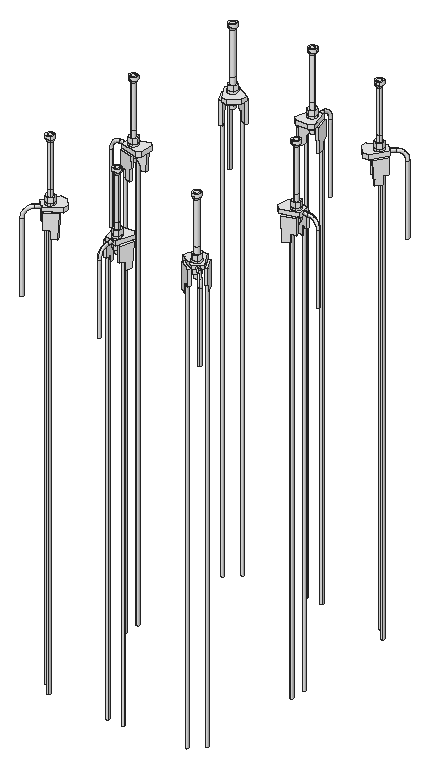
Revit family "18738fcd283c4e60b54079e985289fea", category Structural Connections, host Face, Revit 2021
Family settings
  Host = Face
  Material for Model Behavior = Other
  Enable cutting in views = No
  Cut with Voids When Loaded = No
  Shared = Yes
Parameters (values of type "HCC 16-640H")
  l = 0' - 11.81102"
  h [instance] = 2' - 7.49606"
  f = 0' - 4.13386"
  a = 0' - 1.9685"
  X = 0' - 1.1811"
  Type Comments = "Mountingpart"
  T = 0' - 0.59055"
  Phi = 0' - 1.06299"
  L [instance] = 4' - 11.05512"
  K = 0' - 4.40945"
  E = 0' - 1.9685"
  Default Elevation = 0' - 0"
  b [instance] = 1' - 7.68504"
  D = 0' - 5.35433"
  Column Shoe Type = Column Shoe and Anchor Bolt : HCC 16-640H
  Column Shoe Material [instance] = Metal - Steel - S235
  C = 0' - 3.46457"
Types (10): name | l | h | f | T | Phi | K | b | D | Column Shoe Type | C
  HCC 16-640H | 0' - 11.81102" | 2' - 7.49606" | 0' - 4.13386" | 0' - 0.59055" | 0' - 1.06299" | 0' - 4.40945" | 1' - 7.68504" | 0' - 5.35433" | Column Shoe and Anchor Bolt : HCC 16-640H | 0' - 3.46457"
  HCC M30-1200S | 3' - 5.33858" | 3' - 11.24409" | 0' - 6.49606" | 0' - 1.77165" | 0' - 1.77165" | 0' - 6.81102" | 2' - 3.55906" | 0' - 8.66142" | Column Shoe and Anchor Bolt : HCC M30-1200S | 0' - 5.27559"
  HCC M30-1200H | 3' - 5.33858" | 3' - 11.24409" | 0' - 6.49606" | 0' - 1.77165" | 0' - 1.77165" | 0' - 6.81102" | 2' - 3.55906" | 0' - 8.66142" | Column Shoe and Anchor Bolt : HCC M30-1200H | 0' - 5.27559"
  HCC 30-1100S | 2' - 7.49606" | 3' - 3.37008" | 0' - 5.90551" | 0' - 1.37795" | 0' - 1.5748" | 0' - 5.90551" | 1' - 11.62205" | 0' - 11.33858" | Column Shoe and Anchor Bolt : HCC 30-1100S | 0' - 4.68504"
  HCC 24-905S | 1' - 9.65354" | 2' - 7.49606" | 0' - 5.11811" | 0' - 0.98425" | 0' - 1.37795" | 0' - 4.84252" | 1' - 7.68504" | 0' - 5.90551" | Column Shoe and Anchor Bolt : HCC 24-905S | 0' - 4.17323"
  HCC 20-830S | 1' - 5.71654" | 2' - 7.49606" | 0' - 4.52756" | 0' - 0.7874" | 0' - 1.1811" | 0' - 4.6063" | 1' - 7.68504" | 0' - 5.55118" | Column Shoe and Anchor Bolt : HCC 20-830S | 0' - 3.74016"
  HCC 16-640S | 0' - 11.81102" | 2' - 7.49606" | 0' - 4.13386" | 0' - 0.59055" | 0' - 1.06299" | 0' - 4.40945" | 1' - 7.68504" | 0' - 5.35433" | Column Shoe and Anchor Bolt : HCC 16-640S | 0' - 3.46457"
  HCC 30-1100H | 2' - 7.49606" | 3' - 3.37008" | 0' - 5.90551" | 0' - 1.37795" | 0' - 1.5748" | 0' - 5.90551" | 1' - 11.62205" | 0' - 11.33858" | Column Shoe and Anchor Bolt : HCC 30-1100H | 0' - 4.68504"
  HCC 24-905H | 1' - 9.65354" | 2' - 7.49606" | 0' - 5.11811" | 0' - 0.98425" | 0' - 1.37795" | 0' - 4.84252" | 1' - 7.68504" | 0' - 5.90551" | Column Shoe and Anchor Bolt : HCC 24-905H | 0' - 4.17323"
  HCC 20-830H | 1' - 5.71654" | 2' - 7.49606" | 0' - 4.52756" | 0' - 0.7874" | 0' - 1.1811" | 0' - 4.6063" | 1' - 7.68504" | 0' - 5.55118" | Column Shoe and Anchor Bolt : HCC 20-830H | 0' - 3.74016"
Reference planes (in)
  plane 1 "Center (Front/Back)": y = 0
  plane 2: z = 0
  plane 3 "Center (Left/Right)": x = 0
  plane 4: x = -9.84252
  plane 5: x = 9.84252
  plane 6: y = 15.74803
  plane 7: y = -15.74803
  plane 8: y = 14.56693
  plane 9: y = -14.56693
  plane 10: x = -8.66142
  plane 11: x = 8.66142
  plane 12: y = 3.93701
  plane 13: y = -3.93701
Lines and regions (in)
  reference lines
    curve 1: line (-9.84252, -15.74803, 0) -> (9.84252, 3.93701, 0)
    curve 2: line (9.84252, -15.74803, 0) -> (-9.84252, 3.93701, 0)
    curve 3: line (-9.84252, 15.74803, 0) -> (9.84252, -3.93701, 0)
    curve 4: line (9.84252, 15.74803, 0) -> (-9.84252, -3.93701, 0)
    curve 5: line (-9.84252, -14.56693, 0) -> (-8.66142, -15.74803, 0)
    curve 6: line (9.84252, -14.56693, 0) -> (8.66142, -15.74803, 0)
    curve 7: line (-9.84252, 14.56693, 0) -> (-8.66142, 15.74803, 0)
    curve 8: line (9.84252, 14.56693, 0) -> (8.66142, 15.74803, 0)
Dimensions and locks (in)
  equal spacing: plane 4, plane 3 "Center (Left/Right)", plane 5
  "b": plane 4 to plane 5
  equal spacing: plane 6, plane 1 "Center (Front/Back)", plane 7
  "h": plane 6 to plane 7
  "X": plane 6 to plane 8
  "X": plane 7 to plane 9
  "X": plane 4 to plane 10
  "X": plane 5 to plane 11
  "b": plane 12 to plane 7
  "b": plane 13 to plane 6
  aligned and locked: plane 2 to host face
  aligned and locked: level to host face
  aligned and locked: plane 3 "Center (Left/Right)" to nested 1
  aligned and locked: plane 6 to nested 1
  aligned and locked: nested 3 to plane 3 "Center (Left/Right)"
  aligned and locked: nested 3 to plane 7
  aligned and locked: plane 1 "Center (Front/Back)" to nested 5
  aligned and locked: plane 5 to nested 5
  aligned and locked: nested 7 to plane 1 "Center (Front/Back)"
  aligned and locked: nested 7 to plane 4
  aligned: nested 9 to plane 4
  aligned: plane 6 to nested 9  (x2)
  aligned: nested 11 to plane 6  (x2)
  aligned: plane 5 to nested 11
  aligned: plane 4 to nested 13
  aligned: nested 13 to plane 7
  aligned: plane 7 to nested 15
  aligned: nested 15 to plane 5
  aligned and locked: curve 1 to plane 12
  aligned and locked: plane 7 to curve 1
  aligned and locked: plane 4 to curve 1
  aligned and locked: plane 5 to curve 2
  aligned and locked: plane 7 to curve 2
  aligned and locked: plane 12 to curve 2
  aligned and locked: plane 6 to curve 4
  aligned and locked: plane 5 to curve 4
  aligned and locked: plane 6 to curve 3
  aligned and locked: plane 4 to curve 3
  aligned and locked: plane 4 to curve 4
  aligned and locked: plane 5 to curve 3
  aligned and locked: plane 4 to curve 5
  aligned and locked: curve 5 to plane 9
  aligned and locked: plane 7 to curve 5
  aligned and locked: curve 5 to plane 10
  aligned and locked: plane 9 to curve 6
  aligned and locked: plane 7 to curve 6
  aligned and locked: plane 11 to curve 6
  aligned and locked: plane 5 to curve 6
  aligned and locked: plane 4 to curve 7
  aligned and locked: plane 8 to curve 7
  aligned and locked: plane 6 to curve 7
  aligned and locked: plane 10 to curve 7
  aligned and locked: plane 6 to curve 8
  aligned and locked: curve 8 to plane 11
  aligned and locked: curve 8 to plane 8
  aligned and locked: plane 5 to curve 8
  aligned: nested 9 to curve 3
  aligned: nested 9 to curve 7  (x2)
  aligned: nested 11 to curve 8  (x2)
  aligned: nested 11 to curve 4
  aligned and locked: nested 13 to curve 1
  aligned: nested 13 to curve 5  (x2)
  aligned: nested 15 to curve 6  (x2)
  aligned and locked: nested 15 to curve 2
  aligned and locked: nested 9 to curve 7
  aligned and locked: nested 11 to curve 8
  aligned and locked: nested 13 to curve 5
  aligned and locked: nested 15 to curve 6
  aligned and locked: plane 13 to curve 4
  aligned and locked: plane 13 to curve 3
  aligned and locked: nested 11 to curve 4
  aligned and locked: nested 9 to curve 3
Automatic sketch dimensions
  host sketch curve to host sketch curve = 8' - 0"  (x2)
  curve 2 to plane 4 = 0' - 0"
  curve 1 to plane 5 = 0' - 0"
Nested families (in)
  nested 1: "Column Shoe and Anchor Bolt" at (0, 20.90551, 0) x (1, 0, 0) z (0, 0, -1), L <- "L", type <- "Column Shoe Type", type "HCC 16-640H"
    with L 4' - 11.05512", Column Shoe Material Metal - Steel - S235
  nested 2: "HAB" at (0, 17.69675, -0.59055) x (1, 0, 0) z (0, 0, -1), type "HAB H16"
    with Anchor Bolt Material Metal - Steel - S235, l2 0' - 6.88976", l 0' - 11.02362", f1 0' - 1.5748", f 0' - 4.13386", r3 0' - 0.31496", r1 0' - 0.31496", d3 0' - 0.62992", d1 0' - 0.62992", Washers Radius 0' - 0.6378", T 0' - 0.59055", Phi 0' - 1.06299", Nut Width 0' - 1.10469", Cap Radius 0' - 0.56693"
  nested 3: "Column Shoe and Anchor Bolt" at (0, -20.90551, 0) x (1, 0, 0) z (0, 0, -1), L <- "L", type <- "Column Shoe Type", type "HCC 16-640H"
    with L 4' - 11.05512", Column Shoe Material Metal - Steel - S235
  nested 4: "HAB" at (0, -17.69675, -0.59055) x (1, 0, 0) z (0, 0, -1), type "HAB H16"
    with Anchor Bolt Material Metal - Steel - S235, l2 0' - 6.88976", l 0' - 11.02362", f1 0' - 1.5748", f 0' - 4.13386", r3 0' - 0.31496", r1 0' - 0.31496", d3 0' - 0.62992", d1 0' - 0.62992", Washers Radius 0' - 0.6378", T 0' - 0.59055", Phi 0' - 1.06299", Nut Width 0' - 1.10469", Cap Radius 0' - 0.56693"
  nested 5: "Column Shoe and Anchor Bolt" at (15, 0, 0) x (0, 1, 0) z (0, 0, -1), L <- "L", type <- "Column Shoe Type", type "HCC 16-640H"
    with L 4' - 11.05512", Column Shoe Material Metal - Steel - S235
  nested 6: "HAB" at (11.79124, 0, -0.59055) x (0, 1, 0) z (0, 0, -1), type "HAB H16"
    with Anchor Bolt Material Metal - Steel - S235, l2 0' - 6.88976", l 0' - 11.02362", f1 0' - 1.5748", f 0' - 4.13386", r3 0' - 0.31496", r1 0' - 0.31496", d3 0' - 0.62992", d1 0' - 0.62992", Washers Radius 0' - 0.6378", T 0' - 0.59055", Phi 0' - 1.06299", Nut Width 0' - 1.10469", Cap Radius 0' - 0.56693"
  nested 7: "Column Shoe and Anchor Bolt" at (-15, 0, 0) x (0, 1, 0) z (0, 0, -1), L <- "L", type <- "Column Shoe Type", type "HCC 16-640H"
    with L 4' - 11.05512", Column Shoe Material Metal - Steel - S235
  nested 8: "HAB" at (-11.79124, 0, -0.59055) x (0, 1, 0) z (0, 0, -1), type "HAB H16"
    with Anchor Bolt Material Metal - Steel - S235, l2 0' - 6.88976", l 0' - 11.02362", f1 0' - 1.5748", f 0' - 4.13386", r3 0' - 0.31496", r1 0' - 0.31496", d3 0' - 0.62992", d1 0' - 0.62992", Washers Radius 0' - 0.6378", T 0' - 0.59055", Phi 0' - 1.06299", Nut Width 0' - 1.10469", Cap Radius 0' - 0.56693"
  nested 9: "Column Shoe and Anchor Bolt" at (-12.89886, 18.80437, 0) x (0.7071, 0.7071, 0) z (0, 0, -1), L <- "L", type <- "Column Shoe Type", type "HCC 16-640H"
    with L 4' - 11.05512", Column Shoe Material Metal - Steel - S235
  nested 10: "HAB" at (-10.62992, 16.53543, -0.59055) x (0.7071, 0.7071, 0) z (0, 0, -1), type "HAB H16"
    with Anchor Bolt Material Metal - Steel - S235, l2 0' - 6.88976", l 0' - 11.02362", f1 0' - 1.5748", f 0' - 4.13386", r3 0' - 0.31496", r1 0' - 0.31496", d3 0' - 0.62992", d1 0' - 0.62992", Washers Radius 0' - 0.6378", T 0' - 0.59055", Phi 0' - 1.06299", Nut Width 0' - 1.10469", Cap Radius 0' - 0.56693"
  nested 11: "Column Shoe and Anchor Bolt" at (12.89886, 18.80437, 0) x (-0.7071, 0.7071, 0) z (0, 0, -1), L <- "L", type <- "Column Shoe Type", type "HCC 16-640H"
    with L 4' - 11.05512", Column Shoe Material Metal - Steel - S235
  nested 12: "HAB" at (10.62992, 16.53543, -0.59055) x (-0.7071, 0.7071, 0) z (0, 0, -1), type "HAB H16"
    with Anchor Bolt Material Metal - Steel - S235, l2 0' - 6.88976", l 0' - 11.02362", f1 0' - 1.5748", f 0' - 4.13386", r3 0' - 0.31496", r1 0' - 0.31496", d3 0' - 0.62992", d1 0' - 0.62992", Washers Radius 0' - 0.6378", T 0' - 0.59055", Phi 0' - 1.06299", Nut Width 0' - 1.10469", Cap Radius 0' - 0.56693"
  nested 13: "Column Shoe and Anchor Bolt" at (-12.89886, -18.80437, 0) x (0.7071, -0.7071, 0) z (0, 0, -1), L <- "L", type <- "Column Shoe Type", type "HCC 16-640H"
    with L 4' - 11.05512", Column Shoe Material Metal - Steel - S235
  nested 14: "HAB" at (-10.62992, -16.53543, -0.59055) x (0.7071, -0.7071, 0) z (0, 0, -1), type "HAB H16"
    with Anchor Bolt Material Metal - Steel - S235, l2 0' - 6.88976", l 0' - 11.02362", f1 0' - 1.5748", f 0' - 4.13386", r3 0' - 0.31496", r1 0' - 0.31496", d3 0' - 0.62992", d1 0' - 0.62992", Washers Radius 0' - 0.6378", T 0' - 0.59055", Phi 0' - 1.06299", Nut Width 0' - 1.10469", Cap Radius 0' - 0.56693"
  nested 15: "Column Shoe and Anchor Bolt" at (12.89886, -18.80437, 0) x (-0.7071, -0.7071, 0) z (0, 0, -1), L <- "L", type <- "Column Shoe Type", type "HCC 16-640H"
    with L 4' - 11.05512", Column Shoe Material Metal - Steel - S235
  nested 16: "HAB" at (10.62992, -16.53543, -0.59055) x (-0.7071, -0.7071, 0) z (0, 0, -1), type "HAB H16"
    with Anchor Bolt Material Metal - Steel - S235, l2 0' - 6.88976", l 0' - 11.02362", f1 0' - 1.5748", f 0' - 4.13386", r3 0' - 0.31496", r1 0' - 0.31496", d3 0' - 0.62992", d1 0' - 0.62992", Washers Radius 0' - 0.6378", T 0' - 0.59055", Phi 0' - 1.06299", Nut Width 0' - 1.10469", Cap Radius 0' - 0.56693"
Definition of nested family "Column Shoe and Anchor Bolt"
  Parameters
    Type Comments = "Mountingpart"
    Phi = 0' - 1.06299"
    Semi Phi = 0.5 * Phi  # 0' - 0.5315"
    y2 = C * sin(45.00°)  # 0' - 2.44982"
    y1 = (E - X) * sin(45.00°)  # 0' - 0.55678"
    x3 = E * (2 * sin(45.00°) - C / d)  # 0' - 1.46153"
    x2 = 2 * E * sin(45.00°)  # 0' - 2.78388"
    x1 = 2 * X * sin(45.00°)  # 0' - 1.67033"
    t1 = 0' - 0.3937"
    f = 0' - 4.13386"
    a = 0' - 1.9685"
    X = 0' - 1.1811"
    l = 0' - 11.81102"
    k1 = d * sin(45.00°) + 0.5 * X  # 0' - 4.23744"
    d = D - R1  # 0' - 5.15748"
    T = 0' - 0.59055"
    O3 = 0' - 0.59055"
    O4 = 0' - 0.7874"
    O2 = 0' - 0.19685"
    O1 = 0' - 0.3937"
    L [instance] = 4' - 11.05512"
    Real K = R1 + k1  # 0' - 4.43429"
    e1 = (2 * E - X) * sin(45.00°)  # 0' - 1.94872"
    K = 0' - 4.40945"
    E = 0' - 1.9685"
    Default Elevation = 0' - 0"
    Semi dbr = 7 * R2  # 0' - 1.37795"
    D = 0' - 5.35433"
    Column Shoe Material [instance] = none
    C = 0' - 3.46457"
    R2 = 0' - 0.19685"
    R1 = 0' - 0.19685"
    Bolt Type = HAB : HAB H16
    B2 = B - 0' 1.1811"  # 0' - 2.16535"
    B = 0' - 3.34646"
  Reference planes (in)
    plane 1 "Center (Front/Back)": y = 0
    plane 2: z = 0
    plane 3 "Center (Left/Right)": x = 0
    plane 4: z = 0.59055
    plane 5: z = 0.29528
    plane 6: z = 11.81102
    plane 7: z = 3.93701
    plane 8: z = 2.75591
    plane 9: y = 5.15748
    plane 10: x = -1.39194
    plane 11: x = 1.39194
    plane 12: y = 4.6007
    plane 13: y = 2.15088
    plane 14: x = -0.83517
    plane 15: x = 0.83517
    plane 16: x = -0.73077
    plane 17: x = 0.73077
    plane 18: y = 3.20876
    plane 19: y = 2.93829
    plane 20: z = 62.99213
  Forms (in)
    Extrusion 1, solid
      sketch origin (0, 0, 0) x (1, 0, 0) y (0, 1, 0)
        loop
          line (-48, 48) -> (-48, -48) -> (48, -48) -> (48, 48) -> (-48, 48)
      from 0 to -12
    Sweep 2, solid, material <- "Column Shoe Material"
      path in 3D
        loop
          line (0, 0, 11.81102) -> (0, 0, 1.67323)
          arc (0, 0, 1.67323) -> (0, 0.40359, 0.69887) -> (0, 1.37795, 0.29528) r 1.37795
          line (0, 1.37795, 0.29528) -> (0, 2.81506, 0.29528)
      profile origin (0, 0.40359, 0.69887) x (0, 0.707107, 0.707107) y (1, 0, 0)
        loop
          circle (0, 0) r 0.19685
    Extrusion 3, void
      sketch origin (-0.03635, 4.65317, 0) x (1, 0, 0) y (0, 1, 0)
        loop
          circle (0.03635, -1.44441) r 0.5315
      from 0 to 3.93701
    Blend 4, solid, material <- "Column Shoe Material"
      base sketch origin (-0.18342, 0.17505, 0) x (-1, 0, 0) y (0, -1, 0)
        loop
          line (-1.47277, -4.04555) -> (-0.96547, -2.16589) -> (-1.34557, -2.0633) -> (-1.85287, -3.94297) -> (-1.47277, -4.04555)
      top sketch origin (-0.18342, 0.17505, 0) x (-1, 0, 0) y (0, -1, 0)
        loop
          line (-1.42148, -3.8555) -> (-0.96547, -2.16589) -> (-1.34557, -2.0633) -> (-1.80158, -3.75292) -> (-1.42148, -3.8555)
      from 0.59055 to 3.93701
    Extrusion 5, solid, material <- "Column Shoe Material"
      sketch origin (1.96539, -0.28862, 0) x (1, 0, 0) y (0, 1, 0)
        loop
          circle (-3.11256, 3.22691) r 0.19685
        loop
          circle (-0.81822, 3.22691) r 0.19685
      from 2.75591 to 62.99213
    Extrusion 6, void
      sketch origin (0, -1.92772, 0) x (0, -1, 0) y (0, 0, 1)
        loop
          line (-4.07861, 3.93701) -> (-4.86601, 3.93701) -> (-4.86601, 2.75591) -> (-4.07861, 2.75591) -> (-4.07861, 3.93701)
      from -1.39194 to 1.39194
    Extrusion 7, solid, material <- "Column Shoe Material"
      sketch origin (0, 0, 0) x (1, 0, 0) y (0, 1, 0)
        loop
          line (0.83517, 5.15748) -> (-0.83517, 5.15748) -> (-1.39194, 4.6007) -> (-0.73077, 2.15088) -> (0.73077, 2.15088) -> (1.39194, 4.6007) -> (0.83517, 5.15748)
        loop
          circle (0, 3.20876) r 0.5315
      from 0 to 0.59055
    Blend 8, solid, material <- "Column Shoe Material"
      base sketch origin (0.18342, 0.17505, 0) x (1, 0, 0) y (0, 1, 0)
        loop
          line (-1.47277, 4.04555) -> (-1.85287, 3.94297) -> (-1.34557, 2.0633) -> (-0.96547, 2.16589) -> (-1.47277, 4.04555)
      top sketch origin (0.18342, 0.17505, 0) x (1, 0, 0) y (0, 1, 0)
        loop
          line (-1.42148, 3.8555) -> (-1.80158, 3.75292) -> (-1.34557, 2.0633) -> (-0.96547, 2.16589) -> (-1.42148, 3.8555)
      from 0.59055 to 3.93701
  Cuts and joins
    Extrusion 3, Extrusion 6 cuts Sweep 2
    joined: Sweep 2, Extrusion 7
    Extrusion 6 cuts Blend 4
    Extrusion 6 cuts Blend 8
  Lines and regions (in)
    reference lines
      curve 1: line (0, 3.24836, 0.29528) -> (0, 1.37795, 0.29528)
      curve 2: line (0, 0, 1.67323) -> (0, 0, 11.81102)
      curve 3: arc (0, 0, 1.67323) -> (0, 0.40359, 0.69887) -> (0, 1.37795, 0.29528) r 1.37795
      curve 7: line (0.73077, 2.15088, 0) -> (1.39194, 4.6007, 0)
      curve 8: line (-0.73077, 2.15088, 0) -> (-1.39194, 4.6007, 0)
    sketch lines
      curve 4: arc (0, 0, 1.67323) -> (0, 0.40359, 0.69887) -> (0, 1.37795, 0.29528) r 1.37795
      curve 5: line (0, 2.81506, 0.29528) -> (0, 1.37795, 0.29528)
      curve 6: line (0, 0, 1.67323) -> (0, 0, 11.81102)
  Dimensions and locks (in)
    "T": plane 4 to level
    "l": plane 6 to plane 2
    equal spacing: plane 4, plane 5, plane 2
    "B": plane 7 to plane 4
    "B2": plane 4 to plane 8
    equal spacing: plane 16, plane 3 "Center (Left/Right)", plane 17
    equal spacing: plane 14, plane 3 "Center (Left/Right)", plane 15
    equal spacing: plane 10, plane 3 "Center (Left/Right)", plane 11
    "x2": plane 10 to plane 11
    "x1": plane 14 to plane 15
    "x3": plane 16 to plane 17
    "y1": plane 9 to plane 12
    "y2": plane 12 to plane 13
    "d": plane 9 to plane 1 "Center (Front/Back)"
    "e1": plane 9 to plane 18
    "t1": Blend 4 sketch curve to Blend 4 sketch curve  (x2)
    "O2": Extrusion 7 to Blend 4 sketch curve
    "O1": Blend 4 sketch curve to curve 7
    "O2": curve 7 to Blend 4 sketch curve
    "O4": plane 13 to plane 19
    equal spacing: cut or joined group of Blend 4, Extrusion 6, Extrusion 5 sketch curve, Extrusion 7
    "O3": Blend 4 sketch curve to curve 7
    "t1": Blend 8 sketch curve to Blend 8 sketch curve  (x2)
    "O1": curve 8 to Blend 8 sketch curve
    "O2": Blend 8 sketch curve to curve 8  (x2)
    "O3": curve 8 to Blend 8 sketch curve
    equal spacing: Blend 8, Extrusion 5 sketch curve, Blend 8
    "L": plane 20 to plane 7
    "Semi dbr": radius of curve 3
    "R1": radius of Sweep 2 sketch curve
    "R2": radius of Extrusion 5 sketch curve  (x2)
    "Semi Phi": radius of Extrusion 7 sketch curve
    locked: Extrusion 7 to Blend 4 sketch curve (angle 90.00°)
    aligned and locked: plane 2 to Extrusion 1
    aligned and locked: level to Extrusion 1
    aligned and locked: curve 1 to plane 5
    aligned and locked: plane 1 "Center (Front/Back)" to curve 2
    aligned and locked: plane 6 to curve 2
    aligned and locked: Extrusion 3 to Extrusion 1
    aligned and locked: Blend 4 to plane 4
    aligned and locked: plane 8 to Extrusion 5
    aligned and locked: Extrusion 6 sketch curve to Blend 4
    aligned and locked: Extrusion 3 sketch curve to Extrusion 7
    aligned and locked: plane 4 to Extrusion 7
    aligned and locked: Extrusion 7 sketch curve to plane 9
    aligned and locked: plane 3 "Center (Left/Right)" to Extrusion 7 sketch curve
    aligned and locked: plane 12 to Extrusion 7 sketch curve  (x2)
    aligned and locked: plane 18 to Extrusion 7 sketch curve
    aligned and locked: plane 15 to Extrusion 7 sketch curve
    aligned and locked: plane 9 to Extrusion 7 sketch curve
    aligned and locked: plane 13 to Extrusion 7 sketch curve
    aligned and locked: plane 17 to Extrusion 7 sketch curve
    aligned and locked: plane 14 to Extrusion 7 sketch curve
    aligned and locked: plane 10 to Extrusion 7 sketch curve
    aligned and locked: plane 16 to Extrusion 7 sketch curve
    aligned and locked: plane 12 to curve 7
    aligned and locked: plane 11 to curve 7
    aligned and locked: plane 17 to curve 7
    aligned and locked: plane 13 to curve 7
    aligned and locked: plane 12 to curve 8
    aligned and locked: plane 10 to curve 8
    aligned and locked: plane 16 to curve 8
    aligned and locked: plane 13 to curve 8
    aligned and locked: Blend 4 sketch curve to curve 7
    aligned and locked: var sketch to Blend 4 sketch curve
    aligned and locked: plane 19 to Extrusion 5 sketch curve  (x2)
    aligned and locked: var sketch to Blend 8 sketch curve
    aligned and locked: Extrusion 7 to Blend 8 sketch curve
    aligned and locked: Extrusion 6 to plane 19
    aligned and locked: Extrusion 6 to Extrusion 7
    aligned and locked: plane 7 to Extrusion 3
    aligned and locked: plane 7 to Blend 4
    aligned and locked: plane 7 to Blend 8
    aligned and locked: Blend 8 to plane 4
    aligned and locked: plane 20 to Extrusion 5
    aligned and locked: Extrusion 6 to plane 11
    aligned and locked: Extrusion 6 to plane 10
    aligned and locked: plane 3 "Center (Left/Right)" to nested 1
    aligned and locked: nested 1 to plane 18
  Automatic sketch dimensions
    Extrusion 1 sketch curve to Extrusion 1 sketch curve = 8' - 0"  (x2)
    plane 18 to curve 1 = 0' - 0.03959"
    Sweep 2 sketch curve to profile plane = 0' - 0"  (x2)
    plane 8 to Extrusion 6 sketch curve = 0' - 0"
    Extrusion 6 sketch curve to plane 13 = 0' - 0.7874"
    Extrusion 6 sketch curve to plane 1 "Center (Front/Back)" = 0' - 2.15088"
    Extrusion 7 sketch curve to plane 11 = 0' - 0"
  Nested families (in)
    nested 1: "HAB" at (0, 3.20876, 0.59055), type <- "Bolt Type", type "HAB H16"
      with Anchor Bolt Material none, l2 0' - 6.88976", l 0' - 11.02362", f1 0' - 1.5748", f 0' - 4.13386", r3 0' - 0.31496", r1 0' - 0.31496", d3 0' - 0.62992", d1 0' - 0.62992", Washers Radius 0' - 0.6378", T 0' - 0.59055", Phi 0' - 1.06299", Nut Width 0' - 1.10469", Cap Radius 0' - 0.56693"
  Definition of nested family "HAB"
    Parameters
      l2 = 0' - 9.25197"
      l = 1' - 1.77953"
      f1 = f - a - T  # 0' - 1.77165"
      f = 0' - 4.52756"
      r3 = 0.5 * d3  # 0' - 0.3937"
      r1 = 0.5 * d1  # 0' - 0.3937"
      d3 = 0' - 0.7874"
      d1 = 0' - 0.7874"
      a = 0' - 1.9685"
      Washers Thickness = 0' - 0.19685"
      Washers Radius = 0.5 * Phi * 1.2  # 0' - 0.70866"
      Type Comments = "Mountingpart"
      T = 0' - 0.7874"
      Phi = 0' - 1.1811"
      Nut Width = 2 * Washers Radius * cos(30.00°)  # 0' - 1.22744"
      Nut Thickness = 0' - 0.7874"
      Cap = yes
      Anchor Bolt Material [instance] = none
      Default Elevation = 0' - 0"
      Cap Thickness = Nut Thickness  # 0' - 0.7874"
      Cap Radius = d1 * 0.9  # 0' - 0.70866"
    Reference planes (in)
      plane 1 "Center (Front/Back)": y = 0
      plane 2: z = 0
      plane 3 "Center (Left/Right)": x = 0
      plane 4: z = 0.19685
      plane 5: z = -0.7874
      plane 6: z = -0.98425
      plane 7: z = 0.98425
      plane 8: z = -1.77165
      plane 9: y = 0.35433
      plane 10: y = -0.35433
      plane 11: y = 0.70866
      plane 12: y = -0.70866
      plane 13: z = 1.77165
      plane 14: z = -12.00787
      plane 15: z = -11.22047
      plane 16: z = -2.75591
      plane 17: z = -11.61417
      plane 18: x = -0.61372
      plane 19: x = 0.61372
    Forms (in)
      Extrusion 1, solid
        sketch origin (0, 0, 0) x (1, 0, 0) y (0, 1, 0)
          loop
            line (-48, 48) -> (-48, -48) -> (48, -48) -> (48, 48) -> (-48, 48)
        from 0 to -6.78513
      Extrusion 2, solid, material <- "Anchor Bolt Material"
        sketch origin (0, 0, 0) x (1, 0, 0) y (0, 1, 0)
          loop
            circle (0, 0) r 0.3937
        from -2.75591 to 1.77165
      Extrusion 3, solid, material <- "Anchor Bolt Material"
        sketch origin (0, 0, 0) x (1, 0, 0) y (0, 1, 0)
          loop
            circle (0, 0) r 0.70866
        from 0 to 0.19685
      Extrusion 4, solid, material <- "Anchor Bolt Material"
        sketch origin (0, 0, -14.37008) x (1, 0, 0) y (0, 1, 0)
          loop
            circle (0, 0) r 0.70866
        from 13.38583 to 13.58268
      Extrusion 5, solid, material <- "Anchor Bolt Material"
        sketch origin (0, 0, 0) x (1, 0, 0) y (0, 1, 0)
          loop
            line (0, 0.70866) -> (-0.61372, 0.35433) -> (-0.61372, -0.35433) -> (0, -0.70866) -> (0.61372, -0.35433) -> (0.61372, 0.35433) -> (0, 0.70866)
        from 0.19685 to 0.98425
      Extrusion 6, solid, material <- "Anchor Bolt Material"
        sketch origin (0, 0, -15.74803) x (1, 0, 0) y (0, 1, 0)
          loop
            line (-0.61372, 0.35433) -> (-0.61372, -0.35433) -> (0, -0.70866) -> (0.61372, -0.35433) -> (0.61372, 0.35433) -> (0, 0.70866) -> (-0.61372, 0.35433)
        from 13.97638 to 14.76378
      Extrusion 7, solid, material <- "Anchor Bolt Material"
        sketch origin (0, 0, -2.96548) x (1, 0, 0) y (0, 1, 0)
          loop
            circle (0, 0) r 0.3937
        from -9.04239 to 0.20957
      Blend 8, solid, material <- "Anchor Bolt Material", visible <- "Cap"
        base sketch origin (-1.67336, -180, -11.22047) x (-1, 0, 0) y (0, -1, 0)
          loop
            circle (-1.67336, -180) r 0.3937
        top sketch origin (-1.67336, -180, -11.22047) x (-1, 0, 0) y (0, -1, 0)
          loop
            circle (-1.67336, -180) r 0.70866
        from 0 to -0.3937
      Extrusion 9, solid, material <- "Anchor Bolt Material", visible <- "Cap"
        sketch origin (-1.41732, -180, -12.00787) x (-1, 0, 0) y (0, -1, 0)
          loop
            circle (-1.41732, -180) r 0.70866
        from 0 to 0.3937
    Cuts and joins
      joined: Extrusion 2, Extrusion 3, Extrusion 4, Extrusion 5, Extrusion 6, Extrusion 7
      joined: Blend 8, Extrusion 9
    Dimensions and locks (in)
      "T": plane 2 to plane 5
      "Washers Thickness": plane 5 to plane 6
      "Washers Thickness": plane 4 to level
      "Nut Thickness": plane 7 to plane 4
      "Nut Thickness": plane 6 to plane 8
      "Washers Radius": plane 1 "Center (Front/Back)" to plane 11
      "Washers Radius": plane 12 to plane 1 "Center (Front/Back)"
      equal spacing: plane 9, plane 1 "Center (Front/Back)", plane 10
      "Washers Radius": plane 9 to plane 10
      "l": plane 13 to plane 14
      "Cap Thickness": plane 15 to plane 14
      "l2": plane 16 to plane 14
      "f1": plane 13 to plane 2
      equal spacing: plane 15, plane 17, plane 14
      equal spacing: plane 18, plane 3 "Center (Left/Right)", plane 19
      "Nut Width": plane 18 to plane 19
      "r3": radius of Extrusion 2 sketch curve
      "Washers Radius": radius of Extrusion 3 sketch curve
      "Washers Radius": radius of Extrusion 4 sketch curve
      "r1": radius of Extrusion 7 sketch curve
      "r1": radius of Blend 8 sketch curve
      "Cap Radius": radius of Blend 8 sketch curve
      "Cap Radius": radius of Extrusion 9 sketch curve
      aligned and locked: plane 2 to Extrusion 1
      aligned and locked: level to Extrusion 1
      aligned and locked: plane 1 "Center (Front/Back)" to Extrusion 2 sketch curve
      aligned and locked: plane 3 "Center (Left/Right)" to Extrusion 2 sketch curve
      aligned and locked: plane 1 "Center (Front/Back)" to Extrusion 3 sketch curve
      aligned and locked: plane 3 "Center (Left/Right)" to Extrusion 3 sketch curve
      aligned and locked: plane 4 to Extrusion 3
      aligned and locked: Extrusion 3 to level
      aligned and locked: plane 5 to Extrusion 4
      aligned and locked: Extrusion 4 to plane 6
      aligned and locked: plane 1 "Center (Front/Back)" to Extrusion 4 sketch curve
      aligned and locked: plane 3 "Center (Left/Right)" to Extrusion 4 sketch curve
      aligned and locked: plane 7 to Extrusion 5
      aligned and locked: Extrusion 5 to plane 4
      aligned and locked: plane 11 to Extrusion 5 sketch curve
      aligned and locked: plane 3 "Center (Left/Right)" to Extrusion 5 sketch curve  (x2)
      aligned and locked: plane 12 to Extrusion 5 sketch curve
      aligned and locked: plane 10 to Extrusion 5 sketch curve  (x2)
      aligned and locked: plane 6 to Extrusion 6
      aligned and locked: Extrusion 6 to plane 8
      aligned and locked: plane 13 to Extrusion 2
      aligned: Extrusion 2 to plane 14
      aligned and locked: plane 10 to Extrusion 6 sketch curve  (x2)
      aligned and locked: Extrusion 2 to plane 16
      aligned: Extrusion 7 to plane 15
      aligned and locked: plane 1 "Center (Front/Back)" to Blend 8 sketch curve  (x2)
      aligned and locked: plane 3 "Center (Left/Right)" to Blend 8 sketch curve  (x2)
      aligned and locked: Blend 8 to plane 17
      aligned and locked: plane 15 to Blend 8
      aligned and locked: plane 1 "Center (Front/Back)" to Extrusion 9 sketch curve
      aligned and locked: plane 3 "Center (Left/Right)" to Extrusion 9 sketch curve
      aligned and locked: plane 17 to Extrusion 9
      aligned and locked: plane 18 to Extrusion 5 sketch curve
      aligned and locked: Extrusion 5 sketch curve to plane 19
      aligned and locked: plane 9 to Extrusion 5 sketch curve  (x2)
      aligned and locked: plane 19 to Extrusion 6 sketch curve
      aligned and locked: plane 18 to Extrusion 6 sketch curve
      aligned and locked: plane 9 to Extrusion 6 sketch curve  (x2)
      aligned and locked: plane 11 to Extrusion 6 sketch curve
      aligned and locked: plane 3 "Center (Left/Right)" to Extrusion 6 sketch curve  (x2)
      aligned and locked: plane 12 to Extrusion 6 sketch curve
      aligned and locked: Extrusion 7 to plane 14
      aligned and locked: plane 16 to Extrusion 7
    Automatic sketch dimensions
      Extrusion 1 sketch curve to Extrusion 1 sketch curve = 8' - 0"  (x2)
      plane 1 "Center (Front/Back)" to Extrusion 7 sketch curve = 0' - 0"
      Extrusion 7 sketch curve to plane 3 "Center (Left/Right)" = 0' - 0"
Definition of nested family "HAB"
  Parameters
    l2 = 0' - 9.25197"
    l = 1' - 1.77953"
    f1 = f - a - T  # 0' - 1.77165"
    f = 0' - 4.52756"
    r3 = 0.5 * d3  # 0' - 0.3937"
    r1 = 0.5 * d1  # 0' - 0.3937"
    d3 = 0' - 0.7874"
    d1 = 0' - 0.7874"
    a = 0' - 1.9685"
    Washers Thickness = 0' - 0.19685"
    Washers Radius = 0.5 * Phi * 1.2  # 0' - 0.70866"
    Type Comments = "Mountingpart"
    T = 0' - 0.7874"
    Phi = 0' - 1.1811"
    Nut Width = 2 * Washers Radius * cos(30.00°)  # 0' - 1.22744"
    Nut Thickness = 0' - 0.7874"
    Cap = yes
    Anchor Bolt Material [instance] = none
    Default Elevation = 0' - 0"
    Cap Thickness = Nut Thickness  # 0' - 0.7874"
    Cap Radius = d1 * 0.9  # 0' - 0.70866"
  Reference planes (in)
    plane 1 "Center (Front/Back)": y = 0
    plane 2: z = 0
    plane 3 "Center (Left/Right)": x = 0
    plane 4: z = 0.19685
    plane 5: z = -0.7874
    plane 6: z = -0.98425
    plane 7: z = 0.98425
    plane 8: z = -1.77165
    plane 9: y = 0.35433
    plane 10: y = -0.35433
    plane 11: y = 0.70866
    plane 12: y = -0.70866
    plane 13: z = 1.77165
    plane 14: z = -12.00787
    plane 15: z = -11.22047
    plane 16: z = -2.75591
    plane 17: z = -11.61417
    plane 18: x = -0.61372
    plane 19: x = 0.61372
  Forms (in)
    Extrusion 1, solid
      sketch origin (0, 0, 0) x (1, 0, 0) y (0, 1, 0)
        loop
          line (-48, 48) -> (-48, -48) -> (48, -48) -> (48, 48) -> (-48, 48)
      from 0 to -6.78513
    Extrusion 2, solid, material <- "Anchor Bolt Material"
      sketch origin (0, 0, 0) x (1, 0, 0) y (0, 1, 0)
        loop
          circle (0, 0) r 0.3937
      from -2.75591 to 1.77165
    Extrusion 3, solid, material <- "Anchor Bolt Material"
      sketch origin (0, 0, 0) x (1, 0, 0) y (0, 1, 0)
        loop
          circle (0, 0) r 0.70866
      from 0 to 0.19685
    Extrusion 4, solid, material <- "Anchor Bolt Material"
      sketch origin (0, 0, -14.37008) x (1, 0, 0) y (0, 1, 0)
        loop
          circle (0, 0) r 0.70866
      from 13.38583 to 13.58268
    Extrusion 5, solid, material <- "Anchor Bolt Material"
      sketch origin (0, 0, 0) x (1, 0, 0) y (0, 1, 0)
        loop
          line (0, 0.70866) -> (-0.61372, 0.35433) -> (-0.61372, -0.35433) -> (0, -0.70866) -> (0.61372, -0.35433) -> (0.61372, 0.35433) -> (0, 0.70866)
      from 0.19685 to 0.98425
    Extrusion 6, solid, material <- "Anchor Bolt Material"
      sketch origin (0, 0, -15.74803) x (1, 0, 0) y (0, 1, 0)
        loop
          line (-0.61372, 0.35433) -> (-0.61372, -0.35433) -> (0, -0.70866) -> (0.61372, -0.35433) -> (0.61372, 0.35433) -> (0, 0.70866) -> (-0.61372, 0.35433)
      from 13.97638 to 14.76378
    Extrusion 7, solid, material <- "Anchor Bolt Material"
      sketch origin (0, 0, -2.96548) x (1, 0, 0) y (0, 1, 0)
        loop
          circle (0, 0) r 0.3937
      from -9.04239 to 0.20957
    Blend 8, solid, material <- "Anchor Bolt Material", visible <- "Cap"
      base sketch origin (-1.67336, -180, -11.22047) x (-1, 0, 0) y (0, -1, 0)
        loop
          circle (-1.67336, -180) r 0.3937
      top sketch origin (-1.67336, -180, -11.22047) x (-1, 0, 0) y (0, -1, 0)
        loop
          circle (-1.67336, -180) r 0.70866
      from 0 to -0.3937
    Extrusion 9, solid, material <- "Anchor Bolt Material", visible <- "Cap"
      sketch origin (-1.41732, -180, -12.00787) x (-1, 0, 0) y (0, -1, 0)
        loop
          circle (-1.41732, -180) r 0.70866
      from 0 to 0.3937
  Cuts and joins
    joined: Extrusion 2, Extrusion 3, Extrusion 4, Extrusion 5, Extrusion 6, Extrusion 7
    joined: Blend 8, Extrusion 9
  Dimensions and locks (in)
    "T": plane 2 to plane 5
    "Washers Thickness": plane 5 to plane 6
    "Washers Thickness": plane 4 to level
    "Nut Thickness": plane 7 to plane 4
    "Nut Thickness": plane 6 to plane 8
    "Washers Radius": plane 1 "Center (Front/Back)" to plane 11
    "Washers Radius": plane 12 to plane 1 "Center (Front/Back)"
    equal spacing: plane 9, plane 1 "Center (Front/Back)", plane 10
    "Washers Radius": plane 9 to plane 10
    "l": plane 13 to plane 14
    "Cap Thickness": plane 15 to plane 14
    "l2": plane 16 to plane 14
    "f1": plane 13 to plane 2
    equal spacing: plane 15, plane 17, plane 14
    equal spacing: plane 18, plane 3 "Center (Left/Right)", plane 19
    "Nut Width": plane 18 to plane 19
    "r3": radius of Extrusion 2 sketch curve
    "Washers Radius": radius of Extrusion 3 sketch curve
    "Washers Radius": radius of Extrusion 4 sketch curve
    "r1": radius of Extrusion 7 sketch curve
    "r1": radius of Blend 8 sketch curve
    "Cap Radius": radius of Blend 8 sketch curve
    "Cap Radius": radius of Extrusion 9 sketch curve
    aligned and locked: plane 2 to Extrusion 1
    aligned and locked: level to Extrusion 1
    aligned and locked: plane 1 "Center (Front/Back)" to Extrusion 2 sketch curve
    aligned and locked: plane 3 "Center (Left/Right)" to Extrusion 2 sketch curve
    aligned and locked: plane 1 "Center (Front/Back)" to Extrusion 3 sketch curve
    aligned and locked: plane 3 "Center (Left/Right)" to Extrusion 3 sketch curve
    aligned and locked: plane 4 to Extrusion 3
    aligned and locked: Extrusion 3 to level
    aligned and locked: plane 5 to Extrusion 4
    aligned and locked: Extrusion 4 to plane 6
    aligned and locked: plane 1 "Center (Front/Back)" to Extrusion 4 sketch curve
    aligned and locked: plane 3 "Center (Left/Right)" to Extrusion 4 sketch curve
    aligned and locked: plane 7 to Extrusion 5
    aligned and locked: Extrusion 5 to plane 4
    aligned and locked: plane 11 to Extrusion 5 sketch curve
    aligned and locked: plane 3 "Center (Left/Right)" to Extrusion 5 sketch curve  (x2)
    aligned and locked: plane 12 to Extrusion 5 sketch curve
    aligned and locked: plane 10 to Extrusion 5 sketch curve  (x2)
    aligned and locked: plane 6 to Extrusion 6
    aligned and locked: Extrusion 6 to plane 8
    aligned and locked: plane 13 to Extrusion 2
    aligned: Extrusion 2 to plane 14
    aligned and locked: plane 10 to Extrusion 6 sketch curve  (x2)
    aligned and locked: Extrusion 2 to plane 16
    aligned: Extrusion 7 to plane 15
    aligned and locked: plane 1 "Center (Front/Back)" to Blend 8 sketch curve  (x2)
    aligned and locked: plane 3 "Center (Left/Right)" to Blend 8 sketch curve  (x2)
    aligned and locked: Blend 8 to plane 17
    aligned and locked: plane 15 to Blend 8
    aligned and locked: plane 1 "Center (Front/Back)" to Extrusion 9 sketch curve
    aligned and locked: plane 3 "Center (Left/Right)" to Extrusion 9 sketch curve
    aligned and locked: plane 17 to Extrusion 9
    aligned and locked: plane 18 to Extrusion 5 sketch curve
    aligned and locked: Extrusion 5 sketch curve to plane 19
    aligned and locked: plane 9 to Extrusion 5 sketch curve  (x2)
    aligned and locked: plane 19 to Extrusion 6 sketch curve
    aligned and locked: plane 18 to Extrusion 6 sketch curve
    aligned and locked: plane 9 to Extrusion 6 sketch curve  (x2)
    aligned and locked: plane 11 to Extrusion 6 sketch curve
    aligned and locked: plane 3 "Center (Left/Right)" to Extrusion 6 sketch curve  (x2)
    aligned and locked: plane 12 to Extrusion 6 sketch curve
    aligned and locked: Extrusion 7 to plane 14
    aligned and locked: plane 16 to Extrusion 7
  Automatic sketch dimensions
    Extrusion 1 sketch curve to Extrusion 1 sketch curve = 8' - 0"  (x2)
    plane 1 "Center (Front/Back)" to Extrusion 7 sketch curve = 0' - 0"
    Extrusion 7 sketch curve to plane 3 "Center (Left/Right)" = 0' - 0"
